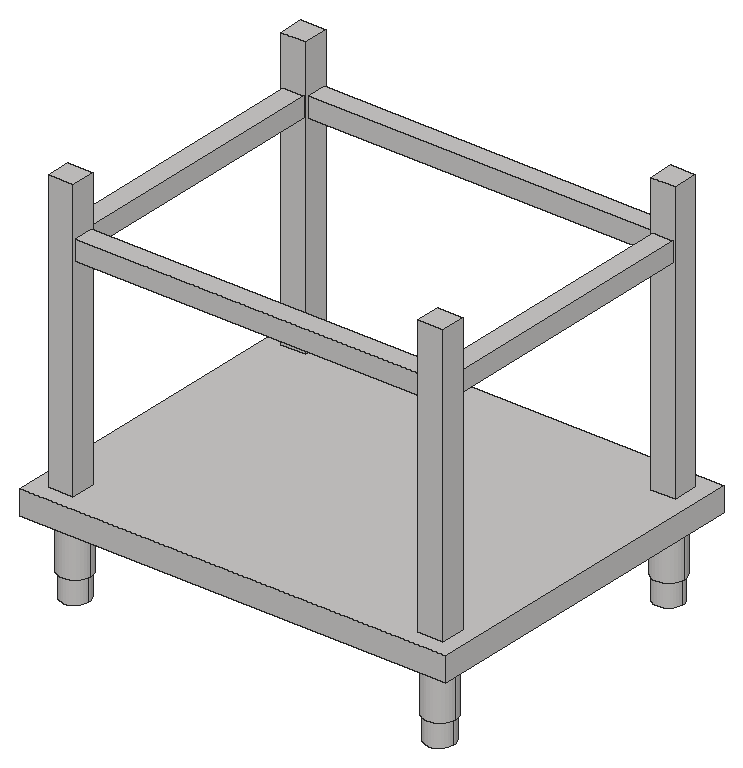
Revit family "QF_ZANUSSI_922613_OPBATRSU61021", category Attrezzature speciali, Revit 2020
Family settings
  Quota connettore circolare = Usa diametro
  Tipo di parte = Normale
  Basato su piano di lavoro = No
  Sempre verticale = Sì
  Taglio con vuoti quando caricato = No
  Condiviso = No
  Punto di calcolo locali = No
Parameters (values of type "Standard")
  Weight = 44.50 kg
  Watts = 0 W
  Volts = 0 V
  URL Manufacturer = "http://www.zanussiprofessional.com"
  URL = "http://www.zanussiprofessional.com"
  Steam Supply Size = 0 mm
  Steam Supply Minimum Pressure = 0.0 Pa
  Steam Supply Maximum Pressure = 0.0 Pa
  Steam Consumption per Hour = 0
  Refrigeration Suction Line Size = 0 mm
  Refrigeration Liquid Line Size = 0 mm
  Refrigerant Compressor Remote = yes
  Prospetto di default = 0 mm
  Produttore = "Zanussi"
  Phase = 0
  Modello = "OPBATRSU61021"
  Length Actual = 1088 mm  # constant formula
  Item Number = "922613"
  Hot Water Size = 0 mm
  Height Actual = 770 mm  # constant formula
  HP = "0 HP"
  Gas Size = 0 mm
  Gas KW = 0
  Gas Input Pressure = 0 W
  Direct Waste Size = 0 mm
  Descrizione = "OPEN BASE WITH TRAY SUPPORT FOR 6&10 GN 2/1 OVEN"
  Depth Actual = 901 mm  # constant formula
  Cycle = 0 Hz
  Condensate Return Size = 0 mm
  Compressed Air Volume = 0.0 L/s
  Compressed Air Size = 0 mm
  Compressed Air Pressure = 0.0 Pa
  Cold Water Size = 0 mm
  Accessory = yes
Reference planes
  plane 1 "Center X": y = 92.351
  plane 2: z = 0
  plane 3 "Center Y": x = -326.5
  plane 4 "LEFT": x = -760
  plane 5 "BACK": y = 479.851
  plane 6 "RIGHT": x = 107
  plane 7 "FRONT": y = -295.149
  plane 8: z = 770
  plane 9: z = 670
  plane 10: x = -697
  plane 11: y = 416.851
  plane 12: x = 44
  plane 13: y = -164.149
  plane 14: z = 152
Forms (mm)
  Extrusion 1, solid, material "QF_Finishes_Stainless Steel"
    sketch origin (-1727.799, -4102.149, 648.5) x (-1, 0, 0) y (0, -1, 0)
      loop
        line (-1751.799, -4499) -> (-1801.799, -4499) -> (-1801.799, -4549) -> (-1751.799, -4549) -> (-1751.799, -4499)
      loop
        line (-1751.799, -3908) -> (-1801.799, -3908) -> (-1801.799, -3958) -> (-1751.799, -3958) -> (-1751.799, -3908)
      loop
        line (-1000.799, -3908) -> (-1050.799, -3908) -> (-1050.799, -3958) -> (-1000.799, -3958) -> (-1000.799, -3908)
      loop
        line (-1000.799, -4549) -> (-1000.799, -4499) -> (-1050.799, -4499) -> (-1050.799, -4549) -> (-1000.799, -4549)
    from 121.5 to -446.5
  Extrusion 2, solid, material "QF_Finishes_Stainless Steel"
    sketch origin (-672, 391.851, 648.5) x (0, 1, 0) y (0, 0, 1)
      loop
        line (50, 21.5) -> (10, 21.5) -> (10, -18.5) -> (50, -18.5) -> (50, 21.5)
      loop
        line (-541, 21.5) -> (-581, 21.5) -> (-581, -18.5) -> (-541, -18.5) -> (-541, 21.5)
    from -5 to 696
  Extrusion 3, solid, material "QF_Finishes_Stainless Steel"
    sketch origin (-722, 391.851, 648.5) x (1, 0, 0) y (0, 0, 1)
      loop
        line (40, -18.5) -> (40, 21.5) -> (0, 21.5) -> (0, -18.5) -> (40, -18.5)
      loop
        line (791, -18.5) -> (791, 21.5) -> (751, 21.5) -> (751, -18.5) -> (791, -18.5)
    from -5 to 536
  Extrusion 4, solid, material "QF_Finishes_Stainless Steel"
    sketch origin (-1206.916, -1524, 152) x (-1, 0, 0) y (0, -1, 0)
      loop
        line (-447.916, -2002.851) -> (-447.916, -1297.851) -> (-1312.916, -1297.851) -> (-1312.916, -2002.851) -> (-447.916, -2002.851)
    from 0 to 50
Cuts and joins
  joined: Extrusion 1, Extrusion 2, Extrusion 3, Extrusion 4
Dimensions and locks
  equal spacing: plane 4 "LEFT", plane 3 "Center Y", plane 6 "RIGHT"
  plane 4 "LEFT" to plane 6 "RIGHT" = 867 mm
  plane 5 "BACK" to plane 7 "FRONT" = 775 mm
  equal spacing: plane 5 "BACK", plane 1 "Center X", plane 7 "FRONT"
  aligned and locked: level to plane 2
Automatic sketch dimensions
  Extrusion 2 sketch curve to Extrusion 2 sketch curve = 40 mm  (x3)
  plane 12 to Extrusion 1 sketch curve = 30 mm  (x2)
  Extrusion 1 sketch curve to plane 12 = 20 mm  (x2)
  plane 10 to Extrusion 1 sketch curve = 20 mm  (x2)
  Extrusion 1 sketch curve to plane 10 = 30 mm  (x2)
  plane 11 to Extrusion 1 sketch curve = 30 mm  (x2)
  Extrusion 1 sketch curve to plane 11 = 20 mm  (x2)
  plane 13 to Extrusion 1 sketch curve = 20 mm  (x2)
  Extrusion 1 sketch curve to plane 13 = 30 mm  (x2)
  Extrusion 2 sketch curve to plane 13 = 25 mm
  Extrusion 2 sketch curve to plane 11 = 15 mm
  plane 11 to Extrusion 2 sketch curve = 25 mm
  Extrusion 2 sketch curve to plane 9 = 40 mm  (x2)
  Extrusion 3 sketch curve to plane 9 = 0 mm  (x2)
  Extrusion 3 sketch curve to plane 10 = 25 mm
  plane 10 to Extrusion 3 sketch curve = 15 mm
  Extrusion 3 sketch curve to plane 12 = 15 mm
  plane 12 to Extrusion 3 sketch curve = 25 mm
  Extrusion 3 sketch curve to plane 9 = 40 mm  (x2)
  Extrusion 4 sketch curve to plane 5 "BACK" = 1 mm
  Extrusion 4 sketch curve to plane 6 "RIGHT" = 1 mm
  plane 4 "LEFT" to Extrusion 4 sketch curve = 1 mm
  Extrusion 4 sketch curve to plane 13 = 62 mm
Nested families
  nested 1: "Foot_Adjustable" at (-697, 416.851, 0), type "Foot_Adjustable"
    with Ø2 28 mm, Ø1 32 mm, Ht 152 mm, H1 48 mm
  nested 2: "Foot_Adjustable" at (44, 416.851, 0), type "Foot_Adjustable"
    with Ø2 28 mm, Ø1 32 mm, Ht 152 mm, H1 48 mm
  nested 3: "Foot_Adjustable" at (44, -164.149, 0), type "Foot_Adjustable"
    with Ø2 28 mm, Ø1 32 mm, Ht 152 mm, H1 48 mm
  nested 4: "Foot_Adjustable" at (-697, -164.149, 0), type "Foot_Adjustable"
    with Ø2 28 mm, Ø1 32 mm, Ht 152 mm, H1 48 mm
Definition of nested family "Foot_Adjustable"
  Parameters (values of type "Foot_Adjustable")
    Ø2 [instance] = 25 mm
    Ø1 [instance] = 29 mm
    Default Elevation = 0 mm
    H1 [instance] = 48 mm
    Ht [instance] = 150 mm
  Reference planes
    plane 1 "Centro (Fronte/Retro)": y = 0
    plane 2: z = 0
    plane 3 "Centro (Sinistra/Destra)": x = 0
    plane 4: z = 150
  Forms (mm)
    Revolve 1, solid
      sketch origin (255.05, 0, 608.09) x (0, 0, 1) y (-1, 0, 0)
        loop
          line (-608.09, 255.05) -> (-608.09, 230.05) -> (-560.09, 230.05) -> (-560.09, 226.05) -> (-458.09, 226.05) -> (-458.09, 255.05) -> (-608.09, 255.05)
        axis (-608.09, 255.05) -> (-458.09, 255.05)
      angle from 0 to 360
  Dimensions and locks
    "H1": level to Revolve 1 sketch curve
    "Ht": plane 4 to level
    "Ø2": Revolve 1 sketch curve to Revolve 1 sketch curve
    "Ø1": Revolve 1 sketch curve to Revolve 1 sketch curve
    aligned and locked: level to plane 2
    aligned and locked: plane 4 to Revolve 1 sketch curve
    aligned and locked: Revolve 1 sketch curve to level
    aligned and locked: plane 3 "Centro (Sinistra/Destra)" to Revolve 1 sketch curve
  Automatic sketch dimensions
    Revolve 1 sketch curve to plane 3 "Centro (Sinistra/Destra)" = 0 mm
    plane 4 to Revolve 1 sketch curve = 50 mm
    Revolve 1 sketch curve to Revolve 1 sketch curve = 20 mm
